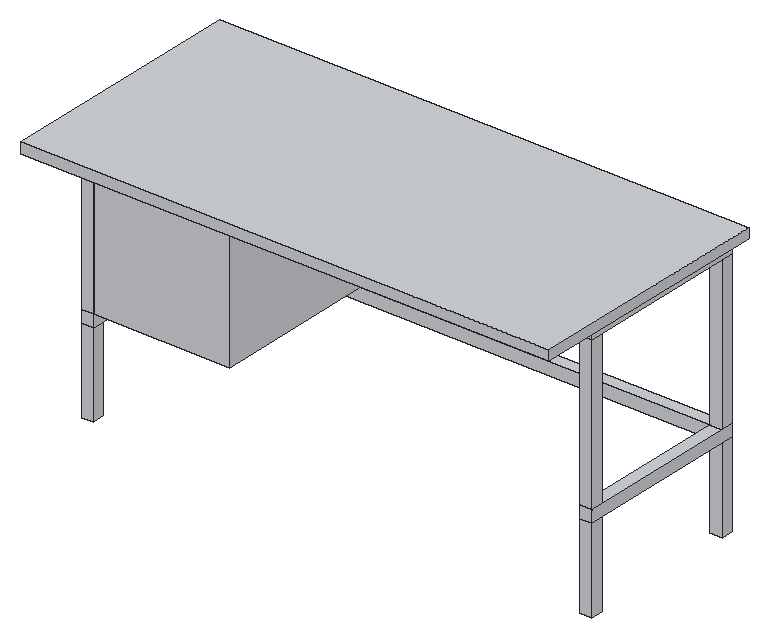
Revit family "SmallBench", category Furniture, Revit 2025
Family settings
  OmniClass Number = 23.40.20.00
  OmniClass Title = General Furniture and Specialties
  Work Plane-Based = No
  Enable Cutting in Views = No
  Always vertical = Yes
  Cut with Voids When Loaded = No
  Render Appearance Source = Family Geometry
  Shared = No
  Room Calculation Point = No
Parameters
  Default Elevation = 0 mm
Reference planes
  plane 1 "CentreLong": y = 0
  plane 2: z = 0
  plane 3 "LeftEdge": x = 0
  plane 4 "FrontEdge": y = -825
  plane 5 "RightEdge": x = 1750
  plane 6 "DrawerFront": y = -610
  plane 7 "LeftSupport": x = 50
  plane 8 "BenchTop": z = 900
  plane 9 "BenchBottom": z = 865
  plane 10 "RightSupport": x = 1700
  plane 11 "BackSupport": y = -50
  plane 12 "DrawerInner": x = 520
Forms (mm)
  Extrusion 1, solid
    sketch origin (0, 0, 0) x (1, 0, 0) y (0, 1, 0)
      loop
        line (0, 0) -> (0, -825) -> (1750, -825) -> (1750, 0) -> (0, 0)
    from 865 to 900
  Extrusion 2, solid
    sketch origin (1780, -548.097, 0) x (1, 0, 0) y (0, 1, 0)
      loop
        line (-100, 518.097) -> (-100, 478.097) -> (-60, 478.097) -> (-60, 518.097) -> (-100, 518.097)
    from 0 to 825
  Extrusion 3, solid
    sketch origin (1780, -1115, 0) x (1, 0, 0) y (0, 1, 0)
      loop
        line (-100, 545) -> (-100, 505) -> (-60, 505) -> (-60, 545) -> (-100, 545)
    from 0 to 825
  Extrusion 4, solid
    sketch origin (-700, -140, 0) x (1, 0, 0) y (0, 1, 0)
      loop
        line (2380, 110) -> (2380, -470) -> (2420, -470) -> (2420, 110) -> (2400, 110) -> (2380, 110)
    from 825 to 865
  Extrusion 5, solid
    sketch origin (-700, -180, 0) x (1, 0, 0) y (0, 1, 0)
      loop
        line (2380, 150) -> (2380, -430) -> (2420, -430) -> (2420, 150) -> (2380, 150)
    from 280 to 320
  Extrusion 6, solid
    sketch origin (0, 0, 0) x (1, 0, 0) y (0, 1, 0)
      loop
        line (70, 0) -> (70, -610) -> (520, -610) -> (520, 0) -> (70, 0)
    from 320 to 865
  Extrusion 7, solid, not visible
    sketch origin (1780, -548.097, 0) x (1, 0, 0) y (0, 1, 0)
      loop
        line (-100, 518.097) -> (-100, 478.097) -> (-60, 478.097) -> (-60, 518.097) -> (-100, 518.097)
    from 0 to 825
  Extrusion 8, solid, not visible
    sketch origin (1780, -1115, 0) x (1, 0, 0) y (0, 1, 0)
      loop
        line (-100, 545) -> (-100, 505) -> (-60, 505) -> (-60, 545) -> (-100, 545)
    from 0 to 825
  Extrusion 9, solid, not visible
    sketch origin (-700, -140, 0) x (1, 0, 0) y (0, 1, 0)
      loop
        line (2380, 110) -> (2380, -470) -> (2420, -470) -> (2420, 110) -> (2400, 110) -> (2380, 110)
    from 825 to 865
  Extrusion 10, solid, not visible
    sketch origin (-700, -180, 0) x (1, 0, 0) y (0, 1, 0)
      loop
        line (2380, 150) -> (2380, -430) -> (2420, -430) -> (2420, 150) -> (2380, 150)
    from 280 to 320
  Extrusion 11, solid
    sketch origin (130, -548.097, 0) x (1, 0, 0) y (0, 1, 0)
      loop
        line (-100, 518.097) -> (-100, 478.097) -> (-60, 478.097) -> (-60, 518.097) -> (-100, 518.097)
    from 0 to 825
  Extrusion 12, solid
    sketch origin (130, -1115, 0) x (1, 0, 0) y (0, 1, 0)
      loop
        line (-100, 545) -> (-100, 505) -> (-60, 505) -> (-60, 545) -> (-100, 545)
    from 0 to 825
  Extrusion 13, solid
    sketch origin (-2350, -140, 0) x (1, 0, 0) y (0, 1, 0)
      loop
        line (2380, 110) -> (2380, -470) -> (2420, -470) -> (2420, 110) -> (2400, 110) -> (2380, 110)
    from 825 to 865
  Extrusion 14, solid
    sketch origin (-2350, -180, 0) x (1, 0, 0) y (0, 1, 0)
      loop
        line (2380, 150) -> (2380, -430) -> (2420, -430) -> (2420, 150) -> (2380, 150)
    from 280 to 320
  Extrusion 15, solid
    sketch origin (0, 0, -200) x (0, 1, 0) y (0, 0, 1)
      loop
        line (-30, 520) -> (-70, 520) -> (-70, 480) -> (-30, 480) -> (-30, 520)
    from 70 to 1680
  Extrusion 16, solid
    sketch origin (0, 0, 465) x (0, 1, 0) y (0, 0, 1)
      loop
        line (-30, 400) -> (-70, 400) -> (-70, 360) -> (-30, 360) -> (-30, 400)
    from 70 to 1680
Dimensions and locks
  plane 3 "LeftEdge" to plane 5 "RightEdge" = 1750 mm
  plane 12 "DrawerInner" to Extrusion 3 = 1160 mm
  plane 8 "BenchTop" to level = 900 mm
  plane 5 "RightEdge" to plane 3 "LeftEdge" = 1750 mm
  Extrusion 6 to Extrusion 12 = 450 mm
  Extrusion 13 to Extrusion 6 = 450 mm
  Extrusion 6 to Extrusion 4 = 1160 mm
  aligned and locked: level to plane 2
